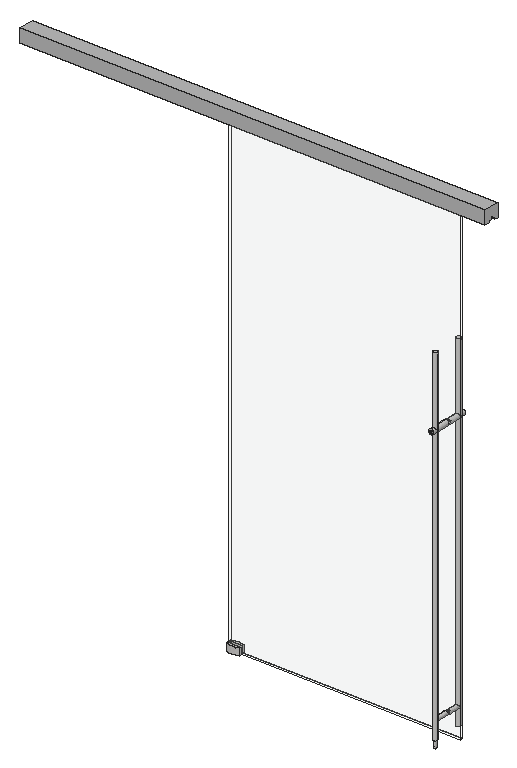
Revit family "Doors_Sliding_Avanti_Systems_Polaris-Auto-Magnetic-Slider_Single-Soffit-Mount-Sgl-Glazed", category Doors, Revit 2015 (continued)
Definition of nested family "Rail-Detail"
  Lines and regions (in)
    model lines, in view "Ref. Level"
      curve 30: arc (-1.2623, -0.87402, 0) -> (-1.25884, -0.88237, 0) -> (-1.25049, -0.88583, 0) r 0.01181
      curve 31: arc (-0.46309, -0.9941, 0) -> (-0.45474, -0.99064, 0) -> (-0.45128, -0.98229, 0) r 0.01181
      curve 32: arc (-0.51419, -0.99132, 0) -> (-0.51689, -0.98918, 0) -> (-0.51971, -0.98722, 0) r 0.05492
      curve 33: arc (0.82235, 0.88583, 0) -> (0.814, 0.88237, 0) -> (0.81054, 0.87402, 0) r 0.01181
      curve 34: arc (-0.1875, 1.02362, 0) -> (-0.19585, 1.02017, 0) -> (-0.19931, 1.01181, 0) r 0.01181
      curve 35: arc (-0.21112, 0.95669, 0) -> (-0.20277, 0.96015, 0) -> (-0.19931, 0.9685, 0) r 0.01181
      curve 36: arc (-0.49065, 0.95669, 0) -> (-0.499, 0.95323, 0) -> (-0.50246, 0.94488, 0) r 0.01181
      curve 37: arc (-0.50246, 0.85827, 0) -> (-0.499, 0.84992, 0) -> (-0.49065, 0.84646, 0) r 0.01181
      curve 38: arc (-0.39616, 0.83465, 0) -> (-0.39962, 0.843, 0) -> (-0.40797, 0.84646, 0) r 0.01181
      curve 39: arc (-0.40797, 0.72835, 0) -> (-0.39962, 0.73181, 0) -> (-0.39616, 0.74016, 0) r 0.01181
      curve 40: arc (-0.50593, 0.73181, 0) -> (-0.50209, 0.72925, 0) -> (-0.49756, 0.72835, 0) r 0.01184
      curve 41: arc (-0.60088, 0.83166, 0) -> (-0.59998, 0.82715, 0) -> (-0.59743, 0.82332, 0) r 0.0118
      curve 42: arc (-0.60088, 0.87402, 0) -> (-0.60434, 0.88237, 0) -> (-0.61269, 0.88583, 0) r 0.01181
      curve 43: arc (1.13337, 0.87402, 0) -> (1.12991, 0.88237, 0) -> (1.12156, 0.88583, 0) r 0.01181
      curve 44: arc (0.81054, 0.8189, 0) -> (0.814, 0.81054, 0) -> (0.82235, 0.80709, 0) r 0.01181
      curve 45: arc (0.86369, 0.79528, 0) -> (0.86023, 0.80363, 0) -> (0.85188, 0.80709, 0) r 0.01181
      curve 46: arc (0.85188, 0.72835, 0) -> (0.86023, 0.73181, 0) -> (0.86369, 0.74016, 0) r 0.01181
      curve 47: arc (0.59991, 0.84646, 0) -> (0.59155, 0.843, 0) -> (0.58809, 0.83465, 0) r 0.01181
      curve 48: arc (0.68258, 0.84646, 0) -> (0.69094, 0.84992, 0) -> (0.69439, 0.85827, 0) r 0.01181
      curve 49: arc (-0.45128, -0.89764, 0) -> (-0.45474, -0.88929, 0) -> (-0.46309, -0.88583, 0) r 0.01181
      curve 50: arc (-0.51419, -0.99132, 0) -> (-0.51063, -0.99338, 0) -> (-0.50658, -0.9941, 0) r 0.0118
      curve 51: arc (-0.57969, -0.98722, 0) -> (-0.60482, -1.03347, 0) -> (-0.57969, -1.07971, 0) r 0.05512
      curve 52: arc (-0.51971, -1.07971, 0) -> (-0.51688, -1.07775, 0) -> (-0.51418, -1.07562, 0) r 0.05538
      curve 53: arc (-0.50657, -1.07284, 0) -> (-0.51062, -1.07355, 0) -> (-0.51418, -1.07562, 0) r 0.01182
      curve 54: arc (-0.45128, -1.08465, 0) -> (-0.45474, -1.0763, 0) -> (-0.46309, -1.07284, 0) r 0.01181
      curve 55: arc (-0.46309, -1.18111, 0) -> (-0.45474, -1.17765, 0) -> (-0.45128, -1.16929, 0) r 0.01181
      curve 56: arc (-1.41978, -1.10236, 0) -> (-1.39672, -1.15804, 0) -> (-1.34104, -1.18111, 0) r 0.07874
      curve 57: arc (-1.34104, 1.1811, 0) -> (-1.39672, 1.15804, 0) -> (-1.41978, 1.10236, 0) r 0.07874
      curve 58: arc (0.5881, 0.74016, 0) -> (0.59155, 0.73181, 0) -> (0.59991, 0.72835, 0) r 0.01181
      curve 59: arc (0.78638, 1.17372, 0) -> (0.78203, 1.17909, 0) -> (0.77543, 1.1811, 0) r 0.01181
      curve 60: arc (0.78638, 1.17372, 0) -> (0.80463, 1.16142, 0) -> (0.82288, 1.17372, 0) r 0.01969
      curve 61: arc (0.83383, 1.1811, 0) -> (0.82723, 1.17909, 0) -> (0.82288, 1.17372, 0) r 0.01181
      curve 62: arc (0.69439, 0.94488, 0) -> (0.69094, 0.95323, 0) -> (0.68258, 0.95669, 0) r 0.01181
      curve 63: arc (0.39124, 0.9685, 0) -> (0.3947, 0.96015, 0) -> (0.40305, 0.95669, 0) r 0.01181
      curve 64: arc (0.39124, 1.01181, 0) -> (0.38779, 1.02017, 0) -> (0.37943, 1.02362, 0) r 0.01181
      curve 65: arc (1.20893, 0.9635, 0) -> (1.21547, 0.96767, 0) -> (1.21802, 0.975, 0) r 0.01181
      curve 66: arc (1.20893, 0.9635, 0) -> (1.17865, 0.9252, 0) -> (1.20893, 0.88689, 0) r 0.03937
      curve 67: arc (1.21802, 0.8754, 0) -> (1.21547, 0.88272, 0) -> (1.20893, 0.88689, 0) r 0.01181
      curve 68: arc (1.20621, 0.72835, 0) -> (1.21456, 0.73181, 0) -> (1.21802, 0.74016, 0) r 0.01181
      curve 69: arc (1.08022, 0.74016, 0) -> (1.08368, 0.73181, 0) -> (1.09203, 0.72835, 0) r 0.01181
      curve 70: arc (1.09203, 0.80709, 0) -> (1.08368, 0.80363, 0) -> (1.08022, 0.79528, 0) r 0.01181
      curve 71: arc (1.12156, 0.80709, 0) -> (1.12991, 0.81054, 0) -> (1.13337, 0.8189, 0) r 0.01181
      curve 72: arc (-1.09695, -1.04331, 0) -> (-1.09464, -1.04888, 0) -> (-1.08907, -1.05118, 0) r 0.00787
      curve 73: arc (-0.6875, -1.05118, 0) -> (-0.68193, -1.04888, 0) -> (-0.67962, -1.04331, 0) r 0.00787
      curve 74: arc (-0.67175, -0.88583, 0) -> (-0.67732, -0.88813, 0) -> (-0.67962, -0.8937, 0) r 0.00787
      curve 75: arc (-1.09695, -0.8937, 0) -> (-1.09925, -0.88814, 0) -> (-1.10482, -0.88583, 0) r 0.00787
      curve 76: arc (-1.08907, 1.05118, 0) -> (-1.09463, 1.04888, 0) -> (-1.09695, 1.04332, 0) r 0.00788
      curve 77: arc (-1.10482, 0.88583, 0) -> (-1.09925, 0.88814, 0) -> (-1.09695, 0.8937, 0) r 0.00787
      curve 78: arc (-0.67962, 1.0433, 0) -> (-0.68193, 1.04888, 0) -> (-0.6875, 1.05118, 0) r 0.00788
      curve 79: arc (-0.67962, 0.8937, 0) -> (-0.67732, 0.88813, 0) -> (-0.67175, 0.88583, 0) r 0.00787
      curve 80: arc (-0.53002, -1.12992, 0) -> (-0.52445, -1.12762, 0) -> (-0.52214, -1.12205, 0) r 0.00787
      curve 81: arc (-0.57726, -1.12205, 0) -> (-0.57495, -1.12762, 0) -> (-0.56939, -1.12992, 0) r 0.00787
      curve 82: arc (-0.56939, -0.93701, 0) -> (-0.57495, -0.93932, 0) -> (-0.57726, -0.94488, 0) r 0.00787
      curve 83: arc (-0.52214, -0.94488, 0) -> (-0.52445, -0.93932, 0) -> (-0.53002, -0.93701, 0) r 0.00787
      curve 84: arc (1.08022, 1.16929, 0) -> (1.07676, 1.17764, 0) -> (1.06841, 1.1811, 0) r 0.01181
      curve 85: arc (1.04085, 1.10236, 0) -> (1.06869, 1.1139, 0) -> (1.08022, 1.14173, 0) r 0.03937
      curve 86: arc (0.99314, 1.10691, 0) -> (0.99728, 1.10356, 0) -> (1.00246, 1.10236, 0) r 0.01181
      curve 87: arc (0.99314, 1.10691, 0) -> (0.96211, 1.12205, 0) -> (0.93108, 1.10691, 0) r 0.03937
      curve 88: arc (0.92177, 1.10236, 0) -> (0.92695, 1.10356, 0) -> (0.93108, 1.10691, 0) r 0.01181
      curve 89: arc (0.844, 1.10236, 0) -> (0.80463, 1.06299, 0) -> (0.844, 1.02362, 0) r 0.03937
      curve 90: arc (0.93108, 1.01908, 0) -> (0.92695, 1.02243, 0) -> (0.92177, 1.02362, 0) r 0.01181
      curve 91: arc (0.93108, 1.01908, 0) -> (0.96211, 1.00394, 0) -> (0.99314, 1.01908, 0) r 0.03937
      curve 92: arc (1.00246, 1.02362, 0) -> (0.99727, 1.02243, 0) -> (0.99314, 1.01908, 0) r 0.01181
      curve 93: arc (1.21802, 1.01181, 0) -> (1.21456, 1.02017, 0) -> (1.20621, 1.02362, 0) r 0.01181
      curve 94: line (-1.03396, 1, 0) -> (-0.74262, 1, 0)
      curve 95: line (-1.04773, 0.84252, 0) -> (-1.04773, 0.89626, 0)
      curve 96: line (-0.72884, 0.89626, 0) -> (-0.72884, 0.84252, 0)
      curve 97: line (-1.03396, -1, 0) -> (-0.74262, -1, 0)
      curve 98: line (-0.72884, -0.89626, 0) -> (-0.72884, -0.84252, 0)
      curve 99: line (-1.04577, -0.84252, 0) -> (-1.04577, -0.89626, 0)
      curve 100: line (1.33613, -1.10236, 0) -> (1.33613, 1.08268, 0)
      curve 101: line (0.75739, -1.18111, 0) -> (1.25739, -1.18111, 0)
      curve 102: line (0.75739, -1.07284, 0) -> (0.80087, -1.07284, 0)
      curve 103: line (0.81644, -1.08759, 0) -> (0.81644, -1.12205, 0)
      curve 104: line (0.82432, -1.12992, 0) -> (0.86369, -1.12992, 0)
      curve 105: line (0.87156, -1.12205, 0) -> (0.87156, -1.08759, 0)
      curve 106: line (0.87156, -0.97934, 0) -> (0.87156, -0.94488, 0)
      curve 107: line (0.86369, -0.93701, 0) -> (0.82432, -0.93701, 0)
      curve 108: line (0.81644, -0.94488, 0) -> (0.81644, -0.97934, 0)
      curve 109: line (0.80088, -0.9941, 0) -> (0.75739, -0.9941, 0)
      curve 110: line (0.75739, -0.88583, 0) -> (0.98967, -0.88583, 0)
      curve 111: line (1.26526, -1.10236, 0) -> (1.01329, -1.10236, 0)
      curve 112: line (1.27707, 0.68898, 0) -> (1.27707, -1.09055, 0)
      curve 113: line (1.22983, 0.72835, 0) -> (1.2377, 0.72835, 0)
      curve 114: line (1.21802, 1.01968, 0) -> (1.21802, 0.74016, 0)
      curve 115: line (1.21802, 0.74016, 0) -> (1.21802, 0.8754, 0)
      curve 116: line (1.00246, 1.02362, 0) -> (1.20621, 1.02362, 0)
      curve 117: line (1.21014, 1.02756, 0) -> (0.844, 1.02756, 0)
      curve 118: line (0.844, 1.02362, 0) -> (0.92177, 1.02362, 0)
      curve 119: line (0.92177, 1.10236, 0) -> (0.844, 1.10236, 0)
      curve 120: line (0.844, 1.09843, 0) -> (1.07629, 1.09843, 0)
      curve 121: line (1.08416, 1.1063, 0) -> (1.08416, 1.15354, 0)
      curve 122: line (1.25739, 1.16142, 0) -> (1.09204, 1.16142, 0)
      curve 123: line (0.74558, -0.89764, 0) -> (0.74558, -0.98229, 0)
      curve 124: line (1.00148, -1.09055, 0) -> (1.00148, -0.89764, 0)
      curve 125: line (0.74558, -1.08465, 0) -> (0.74558, -1.16929, 0)
      curve 126: line (-1.25049, 0.88583, 0) -> (-1.10482, 0.88583, 0)
      curve 127: line (-1.2623, -0.87402, 0) -> (-1.2623, 0.87402, 0)
      curve 128: line (-0.50658, -0.9941, 0) -> (-0.46309, -0.9941, 0)
      curve 129: line (0.82235, 0.88583, 0) -> (1.12156, 0.88583, 0)
      curve 130: line (-0.19931, 0.9685, 0) -> (-0.19931, 1.01181, 0)
      curve 131: line (-0.49065, 0.95669, 0) -> (-0.21112, 0.95669, 0)
      curve 132: line (-0.50246, 0.85827, 0) -> (-0.50246, 0.94488, 0)
      curve 133: line (-0.40797, 0.84646, 0) -> (-0.49065, 0.84646, 0)
      curve 134: line (-0.39616, 0.74016, 0) -> (-0.39616, 0.83465, 0)
      curve 135: line (-0.49756, 0.72835, 0) -> (-0.40797, 0.72835, 0)
      curve 136: line (-0.59743, 0.82332, 0) -> (-0.50593, 0.73181, 0)
      curve 137: line (-0.60088, 0.87402, 0) -> (-0.60088, 0.83166, 0)
      curve 138: line (-0.67175, 0.88583, 0) -> (-0.61269, 0.88583, 0)
      curve 139: line (1.13337, 0.87402, 0) -> (1.13337, 0.8189, 0)
      curve 140: line (0.81054, 0.8189, 0) -> (0.81054, 0.87402, 0)
      curve 141: line (0.85188, 0.80709, 0) -> (0.82235, 0.80709, 0)
      curve 142: line (0.86369, 0.74016, 0) -> (0.86369, 0.79528, 0)
      curve 143: line (0.59991, 0.72835, 0) -> (0.85188, 0.72835, 0)
      curve 144: line (0.58809, 0.83465, 0) -> (0.58809, 0.74016, 0)
      curve 145: line (0.68258, 0.84646, 0) -> (0.59991, 0.84646, 0)
      curve 146: line (-1.10482, -0.88583, 0) -> (-1.25049, -0.88583, 0)
      curve 147: line (-0.46309, -0.88583, 0) -> (-0.67175, -0.88583, 0)
      curve 148: line (-0.45128, -0.98229, 0) -> (-0.45128, -0.89764, 0)
      curve 149: line (-0.1875, 1.02362, 0) -> (0.07628, 1.02362, 0)
      curve 150: line (0.07628, 1.02362, 0) -> (0.09597, 1.04331, 0)
      curve 151: line (0.09597, 1.04331, 0) -> (0.11565, 1.02362, 0)
      curve 152: line (0.11565, 1.02362, 0) -> (0.37943, 1.02362, 0)
      curve 153: line (-0.46309, -1.07284, 0) -> (-0.50657, -1.07284, 0)
      curve 154: line (-0.45128, -1.16929, 0) -> (-0.45128, -1.08465, 0)
      curve 155: line (-1.34104, -1.18111, 0) -> (-0.46309, -1.18111, 0)
      curve 156: line (-1.41978, 1.10236, 0) -> (-1.41978, -1.10236, 0)
      curve 157: line (1.06841, 1.1811, 0) -> (0.83383, 1.1811, 0)
      curve 158: line (0.69439, 0.94488, 0) -> (0.69439, 0.85827, 0)
      curve 159: line (0.39124, 1.01181, 0) -> (0.39124, 0.9685, 0)
      curve 160: line (1.09203, 0.72835, 0) -> (1.20621, 0.72835, 0)
      curve 161: line (1.08022, 0.79528, 0) -> (1.08022, 0.74016, 0)
      curve 162: line (1.12156, 0.80709, 0) -> (1.09203, 0.80709, 0)
      curve 163: line (0.40305, 0.95669, 0) -> (0.68258, 0.95669, 0)
      curve 164: line (-1.09695, 1.04332, 0) -> (-1.09695, 0.8937, 0)
      curve 165: line (-0.6875, 1.05118, 0) -> (-1.08907, 1.05118, 0)
      curve 166: line (-0.67962, 0.8937, 0) -> (-0.67962, 1.0433, 0)
      curve 167: line (-0.67962, -1.04331, 0) -> (-0.67962, -0.8937, 0)
      curve 168: line (-1.08907, -1.05118, 0) -> (-0.6875, -1.05118, 0)
      curve 169: line (-1.09695, -0.8937, 0) -> (-1.09695, -1.04331, 0)
      curve 170: line (-0.57726, -1.08181, 0) -> (-0.57726, -1.12205, 0)
      curve 171: line (-0.52214, -1.12205, 0) -> (-0.52214, -1.08181, 0)
      curve 172: line (-0.52214, -0.98513, 0) -> (-0.52214, -0.94488, 0)
      curve 173: line (-0.57726, -0.94488, 0) -> (-0.57726, -0.98513, 0)
      curve 174: line (-0.53002, -1.12992, 0) -> (-0.56939, -1.12992, 0)
      curve 175: line (-0.56939, -0.93701, 0) -> (-0.53002, -0.93701, 0)
      curve 176: line (0.77543, 1.1811, 0) -> (-1.34104, 1.1811, 0)
      curve 177: line (1.08022, 1.14173, 0) -> (1.08022, 1.16929, 0)
      curve 178: line (1.00246, 1.10236, 0) -> (1.04085, 1.10236, 0)
      curve 179: line (1.21802, 0.975, 0) -> (1.21802, 1.01181, 0)
      curve 180: arc (-0.72476, 0.90317, 0) -> (-0.72774, 0.90027, 0) -> (-0.72884, 0.89626, 0) r 0.00789
      curve 181: arc (-0.72476, 0.90317, 0) -> (-0.71407, 0.92126, 0) -> (-0.72476, 0.93936, 0) r 0.02067
      curve 182: arc (-0.72884, 0.94626, 0) -> (-0.72774, 0.94225, 0) -> (-0.72476, 0.93936, 0) r 0.00787
      curve 183: arc (-1.05181, 0.93936, 0) -> (-1.04883, 0.94225, 0) -> (-1.04773, 0.94626, 0) r 0.00787
      curve 184: arc (-1.05181, 0.93936, 0) -> (-1.0625, 0.92126, 0) -> (-1.05181, 0.90317, 0) r 0.02067
      curve 185: arc (-1.04773, 0.89626, 0) -> (-1.04883, 0.90027, 0) -> (-1.05181, 0.90317, 0) r 0.00789
      curve 186: arc (-1.07529, 1.04331, 0) -> (-1.08365, 1.03984, 0) -> (-1.0871, 1.03148, 0) r 0.01181
      curve 187: arc (-0.68947, 1.0315, 0) -> (-0.69293, 1.03985, 0) -> (-0.70128, 1.04331, 0) r 0.01181
      curve 188: arc (-1.03592, 1, 0) -> (-1.04427, 0.99654, 0) -> (-1.04773, 0.98818, 0) r 0.01182
      curve 189: arc (-1.05954, 0.84646, 0) -> (-1.05119, 0.84992, 0) -> (-1.04773, 0.85827, 0) r 0.01181
      curve 190: arc (-0.72884, 0.98818, 0) -> (-0.7323, 0.99654, 0) -> (-0.74065, 1, 0) r 0.01182
      curve 191: arc (-0.72884, 0.85827, 0) -> (-0.72538, 0.84992, 0) -> (-0.71703, 0.84646, 0) r 0.01181
      curve 192: arc (-0.6245, 0.84646, 0) -> (-0.61615, 0.84992, 0) -> (-0.61269, 0.85827, 0) r 0.01181
      curve 193: arc (-0.61269, 0.87402, 0) -> (-0.61615, 0.88237, 0) -> (-0.6245, 0.88583, 0) r 0.01181
      curve 194: arc (-0.68947, 0.89764, 0) -> (-0.68601, 0.88929, 0) -> (-0.67766, 0.88583, 0) r 0.01181
      curve 195: arc (-1.09891, 0.88583, 0) -> (-1.09056, 0.88929, 0) -> (-1.0871, 0.89764, 0) r 0.01181
      curve 196: arc (-1.16388, 0.85827, 0) -> (-1.16042, 0.84992, 0) -> (-1.15207, 0.84646, 0) r 0.01181
      curve 197: arc (-1.15207, 0.88583, 0) -> (-1.16042, 0.88237, 0) -> (-1.16388, 0.87402, 0) r 0.01181
      curve 198: arc (-1.04773, -0.94626, 0) -> (-1.04883, -0.94226, 0) -> (-1.05181, -0.93936, 0) r 0.00787
      curve 199: arc (-0.72476, -0.93936, 0) -> (-0.72774, -0.94226, 0) -> (-0.72884, -0.94626, 0) r 0.00787
      curve 200: arc (-0.70128, -1.04331, 0) -> (-0.69293, -1.03985, 0) -> (-0.68947, -1.0315, 0) r 0.01181
      curve 201: arc (-1.04773, -0.98819, 0) -> (-1.04428, -0.99654, 0) -> (-1.03592, -1, 0) r 0.01181
      curve 202: arc (-1.04577, -0.85827, 0) -> (-1.04923, -0.84992, 0) -> (-1.05758, -0.84646, 0) r 0.01181
      curve 203: arc (-0.74065, -1, 0) -> (-0.7323, -0.99654, 0) -> (-0.72884, -0.98819, 0) r 0.01181
      curve 204: arc (-0.71702, -0.84646, 0) -> (-0.72538, -0.84992, 0) -> (-0.72884, -0.85827, 0) r 0.01181
      curve 205: arc (-0.61269, -0.85827, 0) -> (-0.61615, -0.84992, 0) -> (-0.62451, -0.84646, 0) r 0.01181
      curve 206: arc (-0.62451, -0.88583, 0) -> (-0.61615, -0.88237, 0) -> (-0.61269, -0.87402, 0) r 0.01181
      curve 207: arc (-0.67766, -0.88583, 0) -> (-0.68601, -0.88929, 0) -> (-0.68947, -0.89764, 0) r 0.01181
      curve 208: arc (-1.0871, -0.89764, 0) -> (-1.09056, -0.88929, 0) -> (-1.09891, -0.88583, 0) r 0.01181
      curve 209: arc (-1.15206, -0.84646, 0) -> (-1.16042, -0.84992, 0) -> (-1.16388, -0.85827, 0) r 0.01181
      curve 210: arc (-1.16388, -0.87402, 0) -> (-1.16042, -0.88237, 0) -> (-1.15206, -0.88583, 0) r 0.01181
      curve 211: arc (-1.0871, -1.0315, 0) -> (-1.08365, -1.03985, 0) -> (-1.07529, -1.04331, 0) r 0.01181
      curve 212: arc (-1.05181, -0.90316, 0) -> (-1.04883, -0.90027, 0) -> (-1.04773, -0.89626, 0) r 0.00787
      curve 213: arc (-0.72884, -0.89626, 0) -> (-0.72774, -0.90027, 0) -> (-0.72476, -0.90316, 0) r 0.00787
      curve 214: arc (-1.05181, -0.90316, 0) -> (-1.0625, -0.92126, 0) -> (-1.05181, -0.93936, 0) r 0.02067
      curve 215: arc (-0.72476, -0.93936, 0) -> (-0.71407, -0.92126, 0) -> (-0.72476, -0.90316, 0) r 0.02067
      curve 216: line (-0.67766, 0.88583, 0) -> (-0.6245, 0.88583, 0)
      curve 217: line (-0.61269, 0.87402, 0) -> (-0.61269, 0.85827, 0)
      curve 218: line (-0.6245, 0.84646, 0) -> (-0.71703, 0.84646, 0)
      curve 219: line (-0.72884, 0.85827, 0) -> (-0.72884, 0.89626, 0)
      curve 220: line (-0.72884, 0.94626, 0) -> (-0.72884, 0.98818, 0)
      curve 221: line (-0.74065, 1, 0) -> (-1.03592, 1, 0)
      curve 222: line (-1.04773, 0.98818, 0) -> (-1.04773, 0.94626, 0)
      curve 223: line (-1.04773, 0.89626, 0) -> (-1.04773, 0.85827, 0)
      curve 224: line (-1.05954, 0.84646, 0) -> (-1.15207, 0.84646, 0)
      curve 225: line (-1.16388, 0.85827, 0) -> (-1.16388, 0.87402, 0)
      curve 226: line (-1.15207, 0.88583, 0) -> (-1.09891, 0.88583, 0)
      curve 227: line (-1.07529, 1.04331, 0) -> (-0.70128, 1.04331, 0)
      curve 228: line (-0.68947, 1.0315, 0) -> (-0.68947, 0.89764, 0)
      curve 229: line (-1.0871, 0.89764, 0) -> (-1.0871, 1.03148, 0)
      curve 230: line (-0.70128, -1.04331, 0) -> (-1.07529, -1.04331, 0)
      curve 231: line (-0.62451, -0.84646, 0) -> (-0.71702, -0.84646, 0)
      curve 232: line (-0.61269, -0.87402, 0) -> (-0.61269, -0.85827, 0)
      curve 233: line (-0.67766, -0.88583, 0) -> (-0.62451, -0.88583, 0)
      curve 234: line (-1.15206, -0.88583, 0) -> (-1.09891, -0.88583, 0)
      curve 235: line (-1.16388, -0.85827, 0) -> (-1.16388, -0.87402, 0)
      curve 236: line (-1.05758, -0.84646, 0) -> (-1.15206, -0.84646, 0)
      curve 237: line (-1.04577, -0.89626, 0) -> (-1.04577, -0.85827, 0)
      curve 238: line (-0.74065, -1, 0) -> (-1.03592, -1, 0)
      curve 239: line (-0.72884, -0.94626, 0) -> (-0.72884, -0.98819, 0)
      curve 240: line (-0.72884, -0.85827, 0) -> (-0.72884, -0.89626, 0)
      curve 241: line (-1.04773, -0.98819, 0) -> (-1.04773, -0.94626, 0)
      curve 242: line (-0.68947, -1.0315, 0) -> (-0.68947, -0.89764, 0)
      curve 243: line (-1.0871, -0.89764, 0) -> (-1.0871, -1.0315, 0)
      curve 244: arc (0.91005, 0.71109, 0) -> (0.77573, 0.72832, 0) -> (0.6418, 0.70829, 0) r 0.49218
      curve 245: arc (-0.99964, 0.71542, 0) -> (-0.88829, 0.66929, 0) -> (-0.77693, 0.71542, 0) r 0.15748
      curve 246: arc (-0.99964, 0.54219, 0) -> (-0.88829, 0.49606, 0) -> (-0.77693, 0.54219, 0) r 0.15748
      curve 247: arc (-0.46, 0.66929, 0) -> (-0.4688, 0.66385, 0) -> (-0.46787, 0.65354, 0) r 0.00984
      curve 248: arc (0.71591, -0.49409, 0) -> (0.70199, -0.49986, 0) -> (0.69623, -0.51378, 0) r 0.01969
      curve 249: arc (0.87339, -0.49409, 0) -> (0.88731, -0.48833, 0) -> (0.89308, -0.47441, 0) r 0.01969
      curve 250: arc (0.89308, -0.3563, 0) -> (0.88926, -0.34465, 0) -> (0.8793, -0.33752, 0) r 0.01969
      curve 251: arc (1.15621, 0.54584, 0) -> (1.13067, 0.56291, 0) -> (1.10054, 0.5689, 0) r 0.07873
      curve 252: arc (1.15621, 0.49016, 0) -> (1.16495, 0.518, 0) -> (1.15621, 0.54584, 0) r 0.04871
      curve 253: arc (1.15621, -0.70725, 0) -> (1.16495, -0.67941, 0) -> (1.15621, -0.65157, 0) r 0.04871
      curve 254: arc (1.10054, -0.73031, 0) -> (1.13067, -0.72432, 0) -> (1.15621, -0.70725, 0) r 0.07873
      curve 255: arc (1.2282, 0.41818, 0) -> (1.23694, 0.44601, 0) -> (1.2282, 0.47385, 0) r 0.04871
      curve 256: arc (1.2282, -0.63526, 0) -> (1.23694, -0.60743, 0) -> (1.2282, -0.57959, 0) r 0.04871
      curve 257: arc (1.2282, -0.63526, 0) -> (1.24527, -0.60972, 0) -> (1.25126, -0.57959, 0) r 0.07874
      curve 258: arc (1.25126, 0.41818, 0) -> (1.24527, 0.44831, 0) -> (1.2282, 0.47385, 0) r 0.07874
      curve 259: arc (0.8793, 0.35433, 0) -> (0.86777, 0.38217, 0) -> (0.83993, 0.3937, 0) r 0.03937
      curve 260: arc (0.83993, -0.47244, 0) -> (0.86777, -0.46091, 0) -> (0.8793, -0.43307, 0) r 0.03937
      curve 261: arc (0.61532, 0.61024, 0) -> (0.60704, 0.63859, 0) -> (0.58137, 0.6532, 0) r 0.03937
      curve 262: arc (0.58137, -0.50753, 0) -> (0.60577, -0.49443, 0) -> (0.61552, -0.46851, 0) r 0.03937
      curve 263: line (0.6667, -0.52858, 0) -> (0.69623, -0.52858, 0)
      curve 264: line (0.69623, -0.52858, 0) -> (0.6667, -0.52858, 0)
      curve 265: line (0.6667, -0.52858, 0) -> (0.69623, -0.52858, 0)
      curve 266: line (0.69623, -0.52858, 0) -> (0.6667, -0.52858, 0)
      curve 267: line (0.6667, -0.52858, 0) -> (0.69623, -0.52858, 0)
      curve 268: line (0.69623, -0.52858, 0) -> (0.6667, -0.52858, 0)
      curve 269: line (0.6667, -0.52858, 0) -> (0.69623, -0.52858, 0)
      curve 270: line (0.69623, -0.52858, 0) -> (0.6667, -0.52858, 0)
      curve 271: line (0.6667, -0.52858, 0) -> (0.6667, -0.55417, 0)
      curve 272: line (0.6667, -0.55417, 0) -> (0.69623, -0.55417, 0)
      curve 273: line (0.8793, -0.24596, 0) -> (0.91005, -0.23865, 0)
      curve 274: line (0.91005, -0.23865, 0) -> (0.93835, -0.21034, 0)
      curve 275: line (0.93835, -0.21034, 0) -> (0.93835, -0.04367, 0)
      curve 276: line (0.93835, -0.04367, 0) -> (0.93835, 0.68278, 0)
      curve 277: line (0.93835, 0.68278, 0) -> (0.91005, 0.71109, 0)
      curve 278: line (0.91005, 0.71109, 0) -> (0.91005, -0.06141, 0)
      curve 279: line (0.91005, -0.06141, 0) -> (0.91005, -0.23865, 0)
      curve 280: line (0.6418, 0.3937, 0) -> (0.6418, 0.70829, 0)
      curve 281: line (0.6418, 0.70829, 0) -> (0.6225, 0.66929, 0)
      curve 282: line (-0.65206, 0.73228, 0) -> (-0.65206, 0.74803, 0)
      curve 283: line (-0.65206, 0.74803, 0) -> (-0.67175, 0.76772, 0)
      curve 284: line (-0.67175, 0.76772, 0) -> (-0.72463, 0.76772, 0)
      curve 285: line (-0.72463, 0.76772, 0) -> (-0.77693, 0.71542, 0)
      curve 286: line (-0.77693, 0.71542, 0) -> (-0.77693, 0.54219, 0)
      curve 287: line (0.93835, 0.13779, 0) -> (0.94623, 0.13779, 0)
      curve 288: line (0.94623, 0.13779, 0) -> (0.95804, 0.14961, 0)
      curve 289: line (0.95804, 0.14961, 0) -> (0.95804, 0.32283, 0)
      curve 290: line (0.95804, 0.32283, 0) -> (0.94623, 0.33465, 0)
      curve 291: line (0.94623, 0.33465, 0) -> (0.93835, 0.33465, 0)
      curve 292: line (-1.12451, 0.54974, 0) -> (-1.12451, -0.76378, 0)
      curve 293: line (-1.12451, -0.76378, 0) -> (-1.10482, -0.78347, 0)
      curve 294: line (-1.10482, -0.78347, 0) -> (-1.05194, -0.78347, 0)
      curve 295: line (-1.05194, -0.78347, 0) -> (-0.99964, -0.73116, 0)
      curve 296: line (-0.99964, -0.73116, 0) -> (-0.99964, 0.54219, 0)
      curve 297: line (-0.99964, 0.54219, 0) -> (-1.05194, 0.59449, 0)
      curve 298: line (-1.05194, 0.59449, 0) -> (-1.10482, 0.59449, 0)
      curve 299: line (-1.10482, 0.59449, 0) -> (-1.12451, 0.57481, 0)
      curve 300: line (-1.12451, 0.57481, 0) -> (-1.12451, 0.54974, 0)
      curve 301: line (-0.77693, -0.73116, 0) -> (-0.72463, -0.78347, 0)
      curve 302: line (-0.72463, -0.78347, 0) -> (-0.67175, -0.78347, 0)
      curve 303: line (-0.67175, -0.78347, 0) -> (-0.65206, -0.76378, 0)
      curve 304: line (-0.65206, -0.76378, 0) -> (-0.65206, 0.57481, 0)
      curve 305: line (-0.65206, 0.57481, 0) -> (-0.67175, 0.59449, 0)
      curve 306: line (-0.67175, 0.59449, 0) -> (-0.72463, 0.59449, 0)
      curve 307: line (-0.72463, 0.59449, 0) -> (-0.77693, 0.54219, 0)
      curve 308: line (-0.77693, 0.54219, 0) -> (-0.77693, -0.73116, 0)
      curve 309: line (-0.65206, 0.57481, 0) -> (-0.65206, 0.73228, 0)
      curve 310: line (-1.12451, 0.73228, 0) -> (-1.12451, 0.74803, 0)
      curve 311: line (-1.12451, 0.74803, 0) -> (-1.10482, 0.76772, 0)
      curve 312: line (-1.10482, 0.76772, 0) -> (-1.05194, 0.76772, 0)
      curve 313: line (-1.05194, 0.76772, 0) -> (-0.99964, 0.71542, 0)
      curve 314: line (-0.99964, 0.71542, 0) -> (-0.99964, 0.54219, 0)
      curve 315: line (-0.63238, 0.14961, 0) -> (-0.65206, 0.14961, 0)
      curve 316: line (-0.65206, -0.33858, 0) -> (-0.63238, -0.33858, 0)
      curve 317: line (-0.63238, 0.30709, 0) -> (-0.65206, 0.30709, 0)
      curve 318: line (0.61532, 0.3937, 0) -> (0.83993, 0.3937, 0)
      curve 319: line (0.83993, 0.3937, 0) -> (0.8793, 0.3937, 0)
      curve 320: line (0.8793, 0.3937, 0) -> (0.8793, 0.35433, 0)
      curve 321: line (0.8793, 0.35433, 0) -> (0.8793, -0.43307, 0)
      curve 322: line (0.8793, -0.43307, 0) -> (0.8793, -0.47244, 0)
      curve 323: line (0.8793, -0.47244, 0) -> (0.83993, -0.47244, 0)
      curve 324: line (0.83993, -0.47244, 0) -> (0.61532, -0.47244, 0)
      curve 325: line (0.61532, -0.47244, 0) -> (0.61532, 0.61024, 0)
      curve 326: line (0.62339, 0.3937, 0) -> (0.62339, 0.67109, 0)
      curve 327: line (0.6225, 0.66929, 0) -> (-0.46, 0.66929, 0)
      curve 328: line (0.93835, 0.5689, 0) -> (1.10054, 0.5689, 0)
      curve 329: line (1.10054, 0.5689, 0) -> (1.10054, 0.49016, 0)
      curve 330: line (1.10054, 0.49016, 0) -> (1.10054, -0.65157, 0)
      curve 331: line (1.10054, -0.65157, 0) -> (0.69623, -0.65157, 0)
      curve 332: line (0.69623, -0.65157, 0) -> (0.69623, -0.51378, 0)
      curve 333: line (0.71591, -0.49409, 0) -> (0.87339, -0.49409, 0)
      curve 334: line (0.89308, -0.47441, 0) -> (0.89308, -0.3563, 0)
      curve 335: line (0.93835, 0.49016, 0) -> (1.10054, 0.49016, 0)
      curve 336: line (1.10054, 0.49016, 0) -> (1.15621, 0.49016, 0)
      curve 337: line (1.15621, 0.49016, 0) -> (1.15621, -0.65157, 0)
      curve 338: line (1.15621, -0.65157, 0) -> (1.10054, -0.65157, 0)
      curve 339: line (1.10054, -0.65157, 0) -> (1.10054, -0.73031, 0)
      curve 340: line (1.10054, -0.73031, 0) -> (0.69623, -0.73031, 0)
      curve 341: line (0.69623, -0.73031, 0) -> (0.69623, -0.65157, 0)
      curve 342: line (1.2282, 0.41818, 0) -> (1.15621, 0.49016, 0)
      curve 343: line (1.15621, 0.54584, 0) -> (1.2282, 0.47385, 0)
      curve 344: line (1.2282, -0.63526, 0) -> (1.15621, -0.70725, 0)
      curve 345: line (1.15621, -0.65157, 0) -> (1.2282, -0.57959, 0)
      curve 346: line (1.2282, -0.57959, 0) -> (1.2282, 0.41818, 0)
      curve 347: line (1.2282, 0.41818, 0) -> (1.25126, 0.41818, 0)
      curve 348: line (1.25126, 0.41818, 0) -> (1.25126, -0.57959, 0)
      curve 349: line (1.25126, -0.57959, 0) -> (1.2282, -0.57959, 0)
      curve 350: line (0.75331, -0.47244, 0) -> (0.75331, -0.49409, 0)
      curve 351: line (0.79268, -0.49409, 0) -> (0.79268, -0.47244, 0)
      curve 352: line (-0.67175, -0.78347, 0) -> (-0.67175, 0.76772, 0)
      curve 353: line (-0.65206, 0.59055, 0) -> (-0.64025, 0.59055, 0)
      curve 354: line (-0.62004, -0.59055, 0) -> (-0.63238, -0.59055, 0)
      curve 355: line (-0.56039, -0.59055, 0) -> (-0.65206, -0.59055, 0)
      curve 356: line (-0.63238, -0.59055, 0) -> (-0.63238, -0.54252, 0)
      curve 357: line (-0.36405, -0.78347, 0) -> (-0.00296, -0.78347, 0)
      curve 358: line (-0.00296, -0.78347, 0) -> (-0.00296, 0.17718, 0)
      curve 359: line (-0.27694, 0.17718, 0) -> (0.21444, 0.17718, 0)
      curve 360: line (0.21444, 0.17718, 0) -> (0.15068, 0.17694, 0)
      curve 361: line (0.62339, 0.43307, 0) -> (0.61532, 0.43307, 0)
      curve 362: line (0.18652, 0.39972, 0) -> (0.19789, 0.37587, 0)
      curve 363: line (0.19789, 0.37587, 0) -> (0.2062, 0.32874, 0)
      curve 364: line (0.2062, 0.32874, 0) -> (0.2062, 0.17718, 0)
      curve 365: line (-0.27694, 0.1811, 0) -> (-0.27694, 0.20079, 0)
      curve 366: line (-0.27694, 0.20079, 0) -> (0.18652, 0.20079, 0)
      curve 367: line (0.18652, 0.20079, 0) -> (0.18652, 0.17718, 0)
      curve 368: line (-1.05194, 0.76772, 0) -> (-1.05194, 0.59449, 0)
      curve 369: line (-1.05194, 0.59449, 0) -> (-1.05194, -0.78347, 0)
      curve 370: line (-1.10482, 0.76772, 0) -> (-1.10482, 0.59449, 0)
      curve 371: line (-1.10482, 0.59449, 0) -> (-1.10482, 0.56869, 0)
      curve 372: line (-1.10482, 0.56869, 0) -> (-1.10482, -0.78347, 0)
      curve 373: line (-0.72463, 0.76772, 0) -> (-0.72463, 0.59449, 0)
      curve 374: line (-0.72463, 0.59449, 0) -> (-0.72463, -0.78347, 0)
      curve 375: line (-1.12451, 0.57481, 0) -> (-1.12451, 0.73228, 0)
      curve 376: line (-0.56039, 0.61417, 0) -> (-0.64025, 0.61417, 0)
      curve 377: line (-0.64025, 0.61417, 0) -> (-0.64025, 0.65354, 0)
      curve 378: line (-0.64025, 0.65354, 0) -> (-0.56039, 0.65354, 0)
      curve 379: line (-0.64025, -0.46851, 0) -> (-0.64025, -0.33858, 0)
      curve 380: line (-0.64025, 0.30709, 0) -> (-0.64025, 0.61417, 0)
      curve 381: line (-0.65206, -0.51181, 0) -> (-0.63238, -0.50787, 0)
      curve 382: line (-0.64025, -0.50945, 0) -> (-0.64025, -0.46851, 0)
      curve 383: line (0.58137, -0.7441, 0) -> (0.58137, 0.61417, 0)
      curve 384: line (0.58137, 0.61417, 0) -> (0.58137, 0.65354, 0)
      curve 385: line (0.58137, 0.65354, 0) -> (0.37163, 0.65354, 0)
      curve 386: line (0.37163, 0.65354, 0) -> (0.18652, 0.65354, 0)
      curve 387: line (0.4846, 0.16142, 0) -> (0.4846, -0.78347, 0)
      curve 388: line (0.4846, -0.78347, 0) -> (0.15068, -0.78347, 0)
      curve 389: line (0.15068, -0.78347, 0) -> (0.15068, 0.17694, 0)
      curve 390: line (0.15068, 0.16142, 0) -> (0.4846, 0.16142, 0)
      curve 391: line (0.58137, 0.61417, 0) -> (0.4846, 0.61417, 0)
      curve 392: line (0.4846, 0.61417, 0) -> (0.4846, 0.65354, 0)
      curve 393: line (0.4846, 0.61417, 0) -> (0.4846, -0.7441, 0)
      curve 394: line (0.4846, -0.7441, 0) -> (0.58137, -0.7441, 0)
      curve 395: line (0.58137, -0.7441, 0) -> (0.58137, -0.78347, 0)
      curve 396: line (0.58137, -0.78347, 0) -> (0.4846, -0.78347, 0)
      curve 397: line (-0.56039, 0.43701, 0) -> (-0.63238, 0.43701, 0)
      curve 398: line (-0.63238, 0.43701, 0) -> (-0.63238, -0.54252, 0)
      curve 399: line (-0.56039, -0.82284, 0) -> (-0.36405, -0.82284, 0)
      curve 400: line (-0.36405, -0.82284, 0) -> (-0.36405, -0.78347, 0)
      curve 401: line (-0.56039, -0.82284, 0) -> (-0.56039, -0.50787, 0)
      curve 402: line (-0.56039, -0.50787, 0) -> (-0.56039, 0.65354, 0)
      curve 403: line (-0.56039, 0.65354, 0) -> (0.18652, 0.65354, 0)
      curve 404: line (0.18652, 0.65354, 0) -> (0.18652, 0.20079, 0)
      curve 405: line (-0.27694, -0.78347, 0) -> (-0.27694, 0.1811, 0)
      curve 406: line (0.60607, 0.63977, 0) -> (0.62339, 0.63977, 0)
      curve 407: line (-0.64025, 0.51181, 0) -> (-0.65206, 0.51181, 0)
  Dimensions and locks (in)
    "Half Thickness": curve 358 to plane 4
    "Half Thickness": plane 4 to curve 389
Definition of nested family "Arrow"
  Reference planes (in)
    plane 1 "Center (Front/Back)": y = 0
    plane 2: z = 0
    plane 3 "Center (Left/Right)": x = 0
  Lines and regions (in)
    detail lines, in view "Ref. Level"
      curve 1: line (-2.57725, 1.35976, 0) -> (-3.93701, 0, 0)
      curve 2: line (-3.93701, 0, 0) -> (3.93701, 0, 0)
      curve 3: line (-2.57725, -1.35976, 0) -> (-3.93701, 0, 0)
